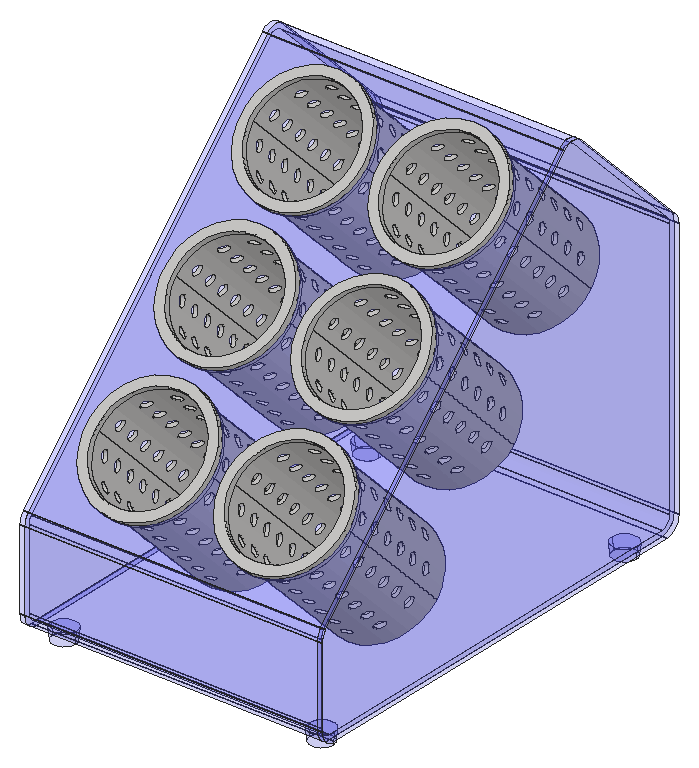
Revit family "QF_Vollrath_CTFWH-6B", category Specialty Equipment, Revit 2016
Family settings
  Part Type = Normal
  Round Connector Dimension = Use Diameter
  OmniClass Number = 23.40.40.14.24
  OmniClass Title = Food Dispensing Equipment
  Work Plane-Based = Yes
  Always vertical = Yes
  Cut with Voids When Loaded = No
  Shared = No
  Room Calculation Point = No
Parameters
  Width = 10.09"
  Weight in Pounds = 0
  Watermarked By = ""
  URL Cutsheet = ""
  URL = "www.vollrath.com"
  Specification by User [instance] = ""
  Specification by Manufacturer [instance] = ""
  Serial Number [instance] = ""
  Revision Code [instance] = ""
  NAFEM Spec ID Number [instance] = ""
  Model = "CTFWH-6B"
  Material = QF_Glass-Cast-Clear
  Masterspec [instance] = ""
  Manufacturer = "Vollrath"
  Item Number [instance] = "-"
  Installed By [instance] = ""
  Height = 14.01"
  Furnished By [instance] = ""
  Foodservice Equipment Identifier = yes
  Description = "Flatware Holder"
  Depth = 14.87"
  Default Elevation = 48.00"
  CSI MasterFormat = ""
Reference planes (in)
  plane 1 "BACK": y = 0
  plane 2 "BOTTOM": z = 0
  plane 3 "LEFT": x = -16.56573
  plane 4 "RIGHT": x = -6.47573
  plane 5 "FRONT": y = -14.87
  plane 6 "Top of Legs": z = 0.4
  plane 7 "Inner Left": x = -16.39573
  plane 8 "Inner Right": x = -6.64573
  plane 9 "TOP": z = 14.01
  plane 10 "Center Back Legs": y = -1.33
  plane 11 "Center Front Legs": y = -14.12
  plane 12 "Center Left Legs": x = -15.81573
  plane 13 "Center Right Legs": x = -7.22573
  plane 14: y = -13.97
  plane 15: x = -13.79573
  plane 16: x = -9.24573
  plane 17: y = -2.974
  plane 18: y = -5.948
  plane 19: y = -8.922
  plane 20: y = -11.896
Forms (in)
  Blend 1, solid, material "QF_Glass-Cast-Clear" <- "Material"
    base sketch origin (0, 0.15, 0) x (1, 0, 0) y (0, 1, 0)
      loop
        circle (-15.81573, -14.12) r 0.39
    top sketch origin (0, 0.15, 0) x (1, 0, 0) y (0, 1, 0)
      loop
        circle (-15.81573, -14.12) r 0.425
    from 0 to 0.4
  Blend 2, solid, material "QF_Glass-Cast-Clear" <- "Material"
    base sketch origin (0, 0.15, 0) x (1, 0, 0) y (0, 1, 0)
      loop
        circle (-7.22573, -14.12) r 0.39
    top sketch origin (0, 0.15, 0) x (1, 0, 0) y (0, 1, 0)
      loop
        circle (-7.22573, -14.12) r 0.425
    from 0 to 0.4
  Blend 3, solid, material "QF_Glass-Cast-Clear" <- "Material"
    base sketch origin (0, 0, 0) x (1, 0, 0) y (0, 1, 0)
      loop
        circle (-15.81573, -1.33) r 0.39
    top sketch origin (0, 0, 0) x (1, 0, 0) y (0, 1, 0)
      loop
        circle (-15.81573, -1.33) r 0.425
    from 0 to 0.4
  Blend 4, solid, material "QF_Glass-Cast-Clear" <- "Material"
    base sketch origin (0, 0, 0) x (1, 0, 0) y (0, 1, 0)
      loop
        circle (-7.22573, -1.33) r 0.39
    top sketch origin (0, 0, 0) x (1, 0, 0) y (0, 1, 0)
      loop
        circle (-7.22573, -1.33) r 0.425
    from 0 to 0.4
  Extrusion 5, solid, material "QF_Glass-Cast-Clear" <- "Material"
    sketch origin (-16.56573, 0, 0) x (0, 1, 0) y (0, 0, 1)
      loop
        arc (-0.5, 0.4) -> (-0.14645, 0.54645) -> (0, 0.9) r 0.5
        line (0, 0.9) -> (0, 9.59)
        arc (0, 9.59) -> (-0.03806, 9.78134) -> (-0.14645, 9.94355) r 0.5
        line (-0.14645, 9.94355) -> (-4.06645, 13.86355)
        arc (-4.06645, 13.86355) -> (-4.42, 14.01) -> (-4.77355, 13.86355) r 0.5
        line (-4.77355, 13.86355) -> (-14.72355, 3.91235)
        arc (-14.72355, 3.91235) -> (-14.83194, 3.75014) -> (-14.87, 3.5588) r 0.5
        line (-14.87, 3.5588) -> (-14.87, 0.9)
        arc (-14.87, 0.9) -> (-14.72355, 0.54645) -> (-14.37, 0.4) r 0.5
        line (-14.37, 0.4) -> (-0.5, 0.4)
    from 0 to 0.17
  Extrusion 6, solid, material "QF_Glass-Cast-Clear" <- "Material"
    sketch origin (-6.47573, 0, 0) x (0, 1, 0) y (0, 0, 1)
      loop
        line (-4.77355, 13.86355) -> (-14.72355, 3.91235)
        arc (-14.72355, 3.91235) -> (-14.83194, 3.75014) -> (-14.87, 3.5588) r 0.5
        line (-14.87, 3.5588) -> (-14.87, 0.9)
        arc (-14.87, 0.9) -> (-14.72355, 0.54645) -> (-14.37, 0.4) r 0.5
        line (-14.37, 0.4) -> (-0.5, 0.4)
        arc (-0.5, 0.4) -> (-0.14645, 0.54645) -> (0, 0.9) r 0.5
        line (0, 0.9) -> (0, 9.59)
        arc (0, 9.59) -> (-0.03806, 9.78134) -> (-0.14645, 9.94355) r 0.5
        line (-0.14645, 9.94355) -> (-4.06645, 13.86355)
        arc (-4.06645, 13.86355) -> (-4.42, 14.01) -> (-4.77355, 13.86355) r 0.5
    from 0 to -0.17
  Extrusion 7, solid, material "QF_Glass-Cast-Clear" <- "Material"
    sketch origin (-16.39573, 0, 0) x (0, 1, 0) y (0, 0, 1)
      loop
        line (-0.14645, 9.94355) -> (-4.06645, 13.86355)
        arc (-4.06645, 13.86355) -> (-4.42, 14.01) -> (-4.77355, 13.86355) r 0.5
        line (-4.77355, 13.86355) -> (-14.72355, 3.91235)
        arc (-14.72355, 3.91235) -> (-14.83194, 3.75014) -> (-14.87, 3.5588) r 0.5
        line (-14.87, 3.5588) -> (-14.87, 0.9)
        arc (-14.87, 0.9) -> (-14.72355, 0.54645) -> (-14.37, 0.4) r 0.5
        line (-14.37, 0.4) -> (-0.5, 0.4)
        arc (-0.5, 0.4) -> (-0.14645, 0.54645) -> (0, 0.9) r 0.5
        line (0, 0.9) -> (0, 9.59)
        arc (0, 9.59) -> (-0.03806, 9.78134) -> (-0.14645, 9.94355) r 0.5
      loop
        arc (-14.60335, 3.79215) -> (-14.67488, 3.68509) -> (-14.7, 3.5588) r 0.33
        line (-14.7, 3.5588) -> (-14.7, 0.9)
        arc (-14.7, 0.9) -> (-14.60335, 0.66665) -> (-14.37, 0.57) r 0.33
        line (-14.37, 0.57) -> (-0.5, 0.57)
        arc (-0.5, 0.57) -> (-0.26665, 0.66665) -> (-0.17, 0.9) r 0.33
        line (-0.17, 0.9) -> (-0.17, 9.59)
        arc (-0.17, 9.59) -> (-0.19512, 9.71629) -> (-0.26665, 9.82335) r 0.33
        line (-0.26665, 9.82335) -> (-4.18665, 13.74335)
        arc (-4.18665, 13.74335) -> (-4.42, 13.84) -> (-4.65335, 13.74335) r 0.33
        line (-4.65335, 13.74335) -> (-14.60335, 3.79215)
    from 0 to 9.75
  Extrusion 8, void
    sketch origin (-6.47573, -4.77355, 13.86355) x (0, 0.707064, 0.707149) y (1, 0, 0)
      loop
        circle (-11.37792, -7.3602) r 2.0625
      loop
        circle (-11.37792, -2.8102) r 2.0625
      loop
        circle (-6.82269, -7.3602) r 2.0625
      loop
        circle (-6.82269, -2.8102) r 2.0625
      loop
        circle (-2.26747, -7.3602) r 2.0625
      loop
        circle (-2.26747, -2.8102) r 2.0625
    from 0 to 0.25
Cuts and joins
  Extrusion 8 cuts Blend 3
  Extrusion 8 cuts Blend 4
  Extrusion 8 cuts Extrusion 7
Lines and regions (in)
  symbolic lines
    curve 1: line (-16.56573, 0, 0) -> (-6.47573, 0, 0)
    curve 2: line (-16.56573, -14.87, 0) -> (-16.56573, 0, 0)
    curve 3: line (-6.47573, -14.87, 0) -> (-16.56573, -14.87, 0)
    curve 4: line (-6.47573, 0, 0) -> (-6.47573, -14.87, 0)
  symbolic lines, style "QF_Details_Surface"
    curve 5: spline (-13.83592, -14.27679, 0) -> (-14.36974, -14.2271, 0) -> (-14.86717, -14.08142, 0) -> (-15.29433, -13.84966, 0) -> (-15.6221, -13.54763, 0) -> (-15.82814, -13.19591, 0) -> (-15.89842, -12.81847, 0) -> (-15.82814, -12.44103, 0) -> (-15.6221, -12.08931, 0) -> (-15.29433, -11.78729, 0) -> (-14.86717, -11.55553, 0) -> (-14.36974, -11.40984, 0) -> (-13.83592, -11.36015, 0)
    curve 6: spline (-13.83592, -11.36015, 0) -> (-13.30211, -11.40984, 0) -> (-12.80467, -11.55553, 0) -> (-12.37752, -11.78729, 0) -> (-12.04975, -12.08931, 0) -> (-11.8437, -12.44103, 0) -> (-11.77342, -12.81847, 0) -> (-11.8437, -13.19591, 0) -> (-12.04975, -13.54763, 0) -> (-12.37752, -13.84966, 0) -> (-12.80467, -14.08142, 0) -> (-13.30211, -14.2271, 0) -> (-13.83592, -14.27679, 0)
    curve 7: spline (-9.28592, -14.27679, 0) -> (-9.81974, -14.2271, 0) -> (-10.31717, -14.08142, 0) -> (-10.74433, -13.84966, 0) -> (-11.0721, -13.54763, 0) -> (-11.27814, -13.19591, 0) -> (-11.34842, -12.81847, 0) -> (-11.27814, -12.44103, 0) -> (-11.0721, -12.08931, 0) -> (-10.74433, -11.78729, 0) -> (-10.31717, -11.55553, 0) -> (-9.81974, -11.40984, 0) -> (-9.28592, -11.36015, 0)
    curve 8: spline (-9.28592, -11.36015, 0) -> (-8.75211, -11.40984, 0) -> (-8.25467, -11.55553, 0) -> (-7.82752, -11.78729, 0) -> (-7.49975, -12.08931, 0) -> (-7.2937, -12.44103, 0) -> (-7.22342, -12.81847, 0) -> (-7.2937, -13.19591, 0) -> (-7.49975, -13.54763, 0) -> (-7.82752, -13.84966, 0) -> (-8.25467, -14.08142, 0) -> (-8.75211, -14.2271, 0) -> (-9.28592, -14.27679, 0)
    curve 9: spline (-13.83592, -11.05596, 0) -> (-14.36974, -11.00626, 0) -> (-14.86717, -10.86058, 0) -> (-15.29433, -10.62882, 0) -> (-15.6221, -10.3268, 0) -> (-15.82814, -9.97508, 0) -> (-15.89842, -9.59764, 0) -> (-15.82814, -9.22019, 0) -> (-15.6221, -8.86848, 0) -> (-15.29433, -8.56645, 0) -> (-14.86717, -8.33469, 0) -> (-14.36974, -8.18901, 0) -> (-13.83592, -8.13932, 0)
    curve 10: spline (-13.83592, -8.13932, 0) -> (-13.30211, -8.18901, 0) -> (-12.80467, -8.33469, 0) -> (-12.37752, -8.56645, 0) -> (-12.04975, -8.86848, 0) -> (-11.8437, -9.22019, 0) -> (-11.77342, -9.59764, 0) -> (-11.8437, -9.97508, 0) -> (-12.04975, -10.3268, 0) -> (-12.37752, -10.62882, 0) -> (-12.80467, -10.86058, 0) -> (-13.30211, -11.00626, 0) -> (-13.83592, -11.05596, 0)
    curve 11: spline (-9.28592, -11.05596, 0) -> (-9.81974, -11.00626, 0) -> (-10.31717, -10.86058, 0) -> (-10.74433, -10.62882, 0) -> (-11.0721, -10.3268, 0) -> (-11.27814, -9.97508, 0) -> (-11.34842, -9.59764, 0) -> (-11.27814, -9.22019, 0) -> (-11.0721, -8.86848, 0) -> (-10.74433, -8.56645, 0) -> (-10.31717, -8.33469, 0) -> (-9.81974, -8.18901, 0) -> (-9.28592, -8.13932, 0)
    curve 12: spline (-9.28592, -8.13932, 0) -> (-8.75211, -8.18901, 0) -> (-8.25467, -8.33469, 0) -> (-7.82752, -8.56645, 0) -> (-7.49975, -8.86848, 0) -> (-7.2937, -9.22019, 0) -> (-7.22342, -9.59764, 0) -> (-7.2937, -9.97508, 0) -> (-7.49975, -10.3268, 0) -> (-7.82752, -10.62882, 0) -> (-8.25467, -10.86058, 0) -> (-8.75211, -11.00626, 0) -> (-9.28592, -11.05596, 0)
    curve 13: spline (-13.83592, -7.83512, 0) -> (-14.36974, -7.78543, 0) -> (-14.86717, -7.63974, 0) -> (-15.29433, -7.40799, 0) -> (-15.6221, -7.10596, 0) -> (-15.82814, -6.75424, 0) -> (-15.89842, -6.3768, 0) -> (-15.82814, -5.99936, 0) -> (-15.6221, -5.64764, 0) -> (-15.29433, -5.34561, 0) -> (-14.86717, -5.11386, 0) -> (-14.36974, -4.96817, 0) -> (-13.83592, -4.91848, 0)
    curve 14: spline (-13.83592, -4.91848, 0) -> (-13.30211, -4.96817, 0) -> (-12.80467, -5.11386, 0) -> (-12.37752, -5.34561, 0) -> (-12.04975, -5.64764, 0) -> (-11.8437, -5.99936, 0) -> (-11.77342, -6.3768, 0) -> (-11.8437, -6.75424, 0) -> (-12.04975, -7.10596, 0) -> (-12.37752, -7.40799, 0) -> (-12.80467, -7.63974, 0) -> (-13.30211, -7.78543, 0) -> (-13.83592, -7.83512, 0)
    curve 15: spline (-9.28592, -7.83512, 0) -> (-9.81974, -7.78543, 0) -> (-10.31717, -7.63974, 0) -> (-10.74433, -7.40799, 0) -> (-11.0721, -7.10596, 0) -> (-11.27814, -6.75424, 0) -> (-11.34842, -6.3768, 0) -> (-11.27814, -5.99936, 0) -> (-11.0721, -5.64764, 0) -> (-10.74433, -5.34561, 0) -> (-10.31717, -5.11386, 0) -> (-9.81974, -4.96817, 0) -> (-9.28592, -4.91848, 0)
    curve 16: spline (-9.28592, -4.91848, 0) -> (-8.75211, -4.96817, 0) -> (-8.25467, -5.11386, 0) -> (-7.82752, -5.34561, 0) -> (-7.49975, -5.64764, 0) -> (-7.2937, -5.99936, 0) -> (-7.22342, -6.3768, 0) -> (-7.2937, -6.75424, 0) -> (-7.49975, -7.10596, 0) -> (-7.82752, -7.40799, 0) -> (-8.25467, -7.63974, 0) -> (-8.75211, -7.78543, 0) -> (-9.28592, -7.83512, 0)
Dimensions and locks (in)
  "Width": plane 3 "LEFT" to plane 4 "RIGHT"
  "Depth": plane 5 "FRONT" to plane 1 "BACK"
  plane 6 "Top of Legs" to level = 0.40"
  "Height": plane 9 "TOP" to level
  locked: plane 3 "LEFT" to plane 7 "Inner Left" at 0.17
  locked: plane 8 "Inner Right" to plane 4 "RIGHT" at 0.17
  locked: plane 10 "Center Back Legs" to plane 1 "BACK" at 1.33
  locked: plane 11 "Center Front Legs" to plane 5 "FRONT" at 0.75
  locked: plane 3 "LEFT" to plane 12 "Center Left Legs" at 0.75
  locked: plane 13 "Center Right Legs" to plane 4 "RIGHT" at 0.75
  locked: plane 14 to plane 5 "FRONT" at 0.9
  plane 3 "LEFT" to plane 15 = 2.77"
  plane 16 to plane 4 "RIGHT" = 2.77"
  equal spacing: plane 1 "BACK", plane 17, plane 18, plane 19, plane 20, plane 5 "FRONT"
  aligned and locked: level to plane 2 "BOTTOM"
  aligned and locked: plane 6 "Top of Legs" to Blend 1
  aligned and locked: plane 6 "Top of Legs" to Blend 2
  aligned and locked: plane 6 "Top of Legs" to Blend 3
  aligned and locked: plane 6 "Top of Legs" to Blend 4
  aligned and locked: plane 7 "Inner Left" to Extrusion 5
  aligned and locked: plane 1 "BACK" to Extrusion 5 sketch curve
  aligned and locked: Extrusion 5 sketch curve to plane 6 "Top of Legs"
  aligned and locked: Extrusion 5 sketch curve to plane 5 "FRONT"
  aligned and locked: Extrusion 6 sketch curve to plane 1 "BACK"
  aligned and locked: Extrusion 6 sketch curve to plane 6 "Top of Legs"
  aligned and locked: Extrusion 6 sketch curve to plane 5 "FRONT"
  aligned and locked: Extrusion 6 to plane 8 "Inner Right"
  aligned and locked: plane 8 "Inner Right" to Extrusion 7
Automatic sketch dimensions
  plane 11 "Center Front Legs" to Blend 1 sketch curve = 0.15"  (x2)
  Blend 1 sketch curve to plane 12 "Center Left Legs" = 0.00"  (x2)
  plane 11 "Center Front Legs" to Blend 2 sketch curve = 0.15"  (x2)
  Blend 2 sketch curve to plane 13 "Center Right Legs" = 0.00"  (x2)
  plane 10 "Center Back Legs" to Blend 3 sketch curve = 0.00"  (x2)
  Blend 3 sketch curve to plane 12 "Center Left Legs" = 0.00"  (x2)
  plane 10 "Center Back Legs" to Blend 4 sketch curve = 0.00"  (x2)
  Blend 4 sketch curve to plane 13 "Center Right Legs" = 0.00"  (x2)
  plane 5 "FRONT" to Extrusion 5 sketch curve = 0.14645"
  Extrusion 5 sketch curve to plane 11 "Center Front Legs" = 0.25"  (x2)
  Extrusion 5 sketch curve to plane 9 "TOP" = 0.14645"  (x2)
  plane 10 "Center Back Legs" to Extrusion 5 sketch curve = 3.44355"
  Extrusion 5 sketch curve to Extrusion 5 sketch curve = 0.35355"  (x2)
  Extrusion 5 sketch curve to Extrusion 5 sketch curve = 0.50"  (x2)
  plane 1 "BACK" to Extrusion 5 sketch curve = 0.14645"
  Extrusion 5 sketch curve to Extrusion 5 sketch curve = 2.6588"
  Extrusion 5 sketch curve to plane 9 "TOP" = 4.42"
  plane 5 "FRONT" to Extrusion 6 sketch curve = 0.14645"
  Extrusion 6 sketch curve to plane 11 "Center Front Legs" = 0.25"
  plane 6 "Top of Legs" to Extrusion 6 sketch curve = 3.1588"
  Extrusion 6 sketch curve to plane 9 "TOP" = 0.14645"  (x2)
  plane 10 "Center Back Legs" to Extrusion 6 sketch curve = 3.44355"
  plane 6 "Top of Legs" to Extrusion 6 sketch curve = 0.50"
  plane 1 "BACK" to Extrusion 6 sketch curve = 0.50"  (x2)
  Extrusion 6 sketch curve to plane 9 "TOP" = 4.42"
  plane 1 "BACK" to Extrusion 6 sketch curve = 0.14645"
  Extrusion 6 sketch curve to Extrusion 6 sketch curve = 0.70711"
  Extrusion 6 sketch curve to Extrusion 6 sketch curve = 0.35355"
  Extrusion 7 sketch curve to plane 9 "TOP" = 0.50"
  plane 10 "Center Back Legs" to Extrusion 7 sketch curve = 3.09"
  Extrusion 7 sketch curve to plane 9 "TOP" = 0.14645"  (x2)
  Extrusion 7 sketch curve to Extrusion 7 sketch curve = 0.35355"  (x2)
  plane 1 "BACK" to Extrusion 7 sketch curve = 0.14645"
  Extrusion 7 sketch curve to plane 9 "TOP" = 4.06645"
  plane 5 "FRONT" to Extrusion 7 sketch curve = 0.14645"
  plane 6 "Top of Legs" to Extrusion 7 sketch curve = 3.51235"
  Extrusion 7 sketch curve to plane 1 "BACK" = 0.00"
  plane 1 "BACK" to Extrusion 7 sketch curve = 0.50"
  plane 6 "Top of Legs" to Extrusion 7 sketch curve = 0.50"
  Extrusion 7 sketch curve to plane 6 "Top of Legs" = 0.00"
  Extrusion 7 sketch curve to plane 11 "Center Front Legs" = 0.25"
  Extrusion 7 sketch curve to plane 5 "FRONT" = 0.00"
  Extrusion 7 sketch curve to Extrusion 7 sketch curve = 0.00"  (x10)
  Extrusion 7 sketch curve to Extrusion 7 sketch curve = 0.12021"  (x6)
  curve 3 to plane 3 "LEFT" = 0.00"
  curve 3 to plane 4 "RIGHT" = 0.00"
  curve 3 to plane 5 "FRONT" = 0.00"
  plane 1 "BACK" to curve 2 = 0.00"
  Extrusion 8 sketch curve to Extrusion 6 = 2.69435"  (x2)
  Extrusion 6 to Extrusion 8 sketch curve = 7.1902"
  Extrusion 8 sketch curve to Extrusion 6 = 0.63185"  (x2)
  Extrusion 6 to Extrusion 8 sketch curve = 2.6402"
  Extrusion 8 sketch curve to Extrusion 8 sketch curve = 2.49273"  (x2)
  Extrusion 8 sketch curve to Extrusion 8 sketch curve = 0.00"  (x4)
  Extrusion 8 sketch curve to Extrusion 8 sketch curve = 0.43023"  (x4)
  Extrusion 8 sketch curve to Extrusion 6 = 2.26747"  (x2)
  curve 6 to plane 15 = 0.0402"
  plane 20 to curve 6 = 0.92247"
  plane 15 to curve 6 = 2.0223"
  curve 5 to curve 6 = 0.00"
  curve 5 to plane 11 "Center Front Legs" = 0.15679"
  curve 8 to plane 16 = 0.0402"
  plane 13 "Center Right Legs" to curve 8 = 0.0023"
  curve 7 to curve 8 = 0.00"
  curve 7 to plane 11 "Center Front Legs" = 0.15679"
  plane 20 to curve 8 = 0.92247"
  curve 10 to plane 15 = 0.0402"
  plane 19 to curve 10 = 0.67564"
  plane 15 to curve 10 = 2.0223"
  curve 9 to curve 10 = 0.00"
  curve 5 to curve 9 = 0.3042"
  curve 11 to plane 16 = 0.0402"
  plane 13 "Center Right Legs" to curve 11 = 0.0023"
  curve 12 to curve 11 = 0.00"
  curve 7 to curve 11 = 0.3042"
  plane 19 to curve 12 = 0.67564"
  curve 14 to plane 15 = 0.0402"
  plane 18 to curve 13 = 0.4288"
  plane 15 to curve 13 = 2.0223"
  curve 14 to curve 13 = 0.00"
  curve 9 to curve 13 = 0.3042"
  curve 16 to plane 16 = 0.0402"
  plane 13 "Center Right Legs" to curve 16 = 0.0023"
  curve 15 to curve 16 = 0.00"
  curve 11 to curve 16 = 0.3042"
  plane 18 to curve 16 = 0.4288"
  radius of Blend 1 sketch curve = 0.39"
  radius of Blend 1 sketch curve = 0.425"
  radius of Blend 2 sketch curve = 0.39"
  radius of Blend 2 sketch curve = 0.425"
  radius of Blend 3 sketch curve = 0.39"
  radius of Blend 3 sketch curve = 0.425"
  radius of Blend 4 sketch curve = 0.39"
  radius of Blend 4 sketch curve = 0.425"
Nested families (in)
  nested 1: "QF_Vollrath_Flatware Cylinder-1" at (-13.83592, -18.08983, 0.54567) x (0, -0.7071, -0.7071) z (0, -0.7071, 0.7071), type "QF_Vollrath_Flatware Cylinder-1"
    with Outer Lid Radius 2.0625", Material QF_Stainless-Polished, Lower Outer Radius 1.875", Inner Radius 1.75"
  nested 2: "QF_Vollrath_Flatware Cylinder-1" at (-13.83592, -21.31067, -2.67555) x (0, -0.7071, -0.7071) z (0, -0.7071, 0.7071), type "QF_Vollrath_Flatware Cylinder-1"
    with Outer Lid Radius 2.0625", Material QF_Stainless-Polished, Lower Outer Radius 1.875", Inner Radius 1.75"
  nested 3: "QF_Vollrath_Flatware Cylinder-1" at (-13.83592, -24.5315, -5.89678) x (0, -0.7071, -0.7071) z (0, -0.7071, 0.7071), type "QF_Vollrath_Flatware Cylinder-1"
    with Outer Lid Radius 2.0625", Material QF_Stainless-Polished, Lower Outer Radius 1.875", Inner Radius 1.75"
  nested 4: "QF_Vollrath_Flatware Cylinder-1" at (-9.28592, -18.08983, 0.54567) x (0, -0.7071, -0.7071) z (0, -0.7071, 0.7071), type "QF_Vollrath_Flatware Cylinder-1"
    with Outer Lid Radius 2.0625", Material QF_Stainless-Polished, Lower Outer Radius 1.875", Inner Radius 1.75"
  nested 5: "QF_Vollrath_Flatware Cylinder-1" at (-9.28592, -21.31067, -2.67555) x (0, -0.7071, -0.7071) z (0, -0.7071, 0.7071), type "QF_Vollrath_Flatware Cylinder-1"
    with Outer Lid Radius 2.0625", Material QF_Stainless-Polished, Lower Outer Radius 1.875", Inner Radius 1.75"
  nested 6: "QF_Vollrath_Flatware Cylinder-1" at (-9.28592, -24.5315, -5.89678) x (0, -0.7071, -0.7071) z (0, -0.7071, 0.7071), type "QF_Vollrath_Flatware Cylinder-1"
    with Outer Lid Radius 2.0625", Material QF_Stainless-Polished, Lower Outer Radius 1.875", Inner Radius 1.75"
Definition of nested family "QF_Vollrath_Flatware Cylinder-1"
  Parameters
    Watermarked By = ""
    Outer Lid Radius [instance] = Inner Radius + 0.3125"  # 2.1875"
    Material [instance] = none
    Lower Outer Radius [instance] = Inner Radius + 0.125"  # 2.00"
    Inner Radius [instance] = 1.875"
    Default Elevation = 48.00"
  Reference planes (in)
    plane 1 "BACK": y = 0
    plane 2: z = 0
    plane 3 "LEFT": x = -16.56573
    plane 4 "TOP": z = 0.1875
    plane 5 "BOTTOM": z = -5.4504
  Forms (in)
    Extrusion 1, solid, material <- "Material"
      sketch origin (0, 0, 0) x (1, 0, 0) y (0, 1, 0)
        loop
          circle (-16.56573, 0) r 2.1875
        loop
          circle (-16.56573, 0) r 1.875
      from 0 to 0.1875
    Extrusion 2, solid, material <- "Material"
      sketch origin (0, 0, -5.4504) x (0, 1, 0) y (-1, 0, 0)
        loop
          circle (0, 16.56573) r 1.875
        loop
          circle (0, 16.56573) r 2
      from 0 to 5.4504
    Extrusion 3, solid, material <- "Material"
      sketch origin (0, 0, -5.4504) x (0, 1, 0) y (-1, 0, 0)
        loop
          circle (0, 16.56573) r 1.875
      from 0 to 0.125
    Extrusion 4, void
      sketch origin (-0.56446, -4.28753, 0) x (0.965926, -0.258819, 0) y (0, 0, 1)
        loop
          circle (-16.56573, -0.6875) r 0.1875
        loop
          circle (-16.56573, -1.4375) r 0.1875
        loop
          circle (-16.56573, -2.1875) r 0.1875
        loop
          circle (-16.56573, -2.9375) r 0.1875
        loop
          circle (-16.56573, -3.6875) r 0.1875
        loop
          circle (-16.56573, -4.4375) r 0.1875
      from -12 to 12
    Extrusion 5, void
      sketch origin (-4.85199, -11.71374, 0) x (0.707107, -0.707107, 0) y (0, 0, 1)
        loop
          circle (-16.56573, -0.6875) r 0.1875
        loop
          circle (-16.56573, -1.4375) r 0.1875
        loop
          circle (-16.56573, -2.1875) r 0.1875
        loop
          circle (-16.56573, -2.9375) r 0.1875
        loop
          circle (-16.56573, -3.6875) r 0.1875
        loop
          circle (-16.56573, -4.4375) r 0.1875
      from -12 to 12
    Extrusion 6, void
      sketch origin (-12.2782, -16.00126, 0) x (0.258819, -0.965926, 0) y (0, 0, 1)
        loop
          circle (-16.56573, -0.6875) r 0.1875
        loop
          circle (-16.56573, -1.4375) r 0.1875
        loop
          circle (-16.56573, -2.1875) r 0.1875
        loop
          circle (-16.56573, -2.9375) r 0.1875
        loop
          circle (-16.56573, -3.6875) r 0.1875
        loop
          circle (-16.56573, -4.4375) r 0.1875
      from -12 to 12
    Extrusion 7, void
      sketch origin (-20.85325, -16.00126, 0) x (-0.258819, -0.965926, 0) y (0, 0, 1)
        loop
          circle (-16.56573, -0.6875) r 0.1875
        loop
          circle (-16.56573, -1.4375) r 0.1875
        loop
          circle (-16.56573, -2.1875) r 0.1875
        loop
          circle (-16.56573, -2.9375) r 0.1875
        loop
          circle (-16.56573, -3.6875) r 0.1875
        loop
          circle (-16.56573, -4.4375) r 0.1875
      from -12 to 12
    Extrusion 8, void
      sketch origin (-28.27946, -11.71374, 0) x (-0.707107, -0.707107, 0) y (0, 0, 1)
        loop
          circle (-16.56573, -0.6875) r 0.1875
        loop
          circle (-16.56573, -1.4375) r 0.1875
        loop
          circle (-16.56573, -2.1875) r 0.1875
        loop
          circle (-16.56573, -2.9375) r 0.1875
        loop
          circle (-16.56573, -3.6875) r 0.1875
        loop
          circle (-16.56573, -4.4375) r 0.1875
      from -12 to 12
    Extrusion 9, void
      sketch origin (-32.56699, -4.28753, 0) x (-0.965926, -0.258819, 0) y (0, 0, 1)
        loop
          circle (-16.56573, -0.6875) r 0.1875
        loop
          circle (-16.56573, -1.4375) r 0.1875
        loop
          circle (-16.56573, -2.1875) r 0.1875
        loop
          circle (-16.56573, -2.9375) r 0.1875
        loop
          circle (-16.56573, -3.6875) r 0.1875
        loop
          circle (-16.56573, -4.4375) r 0.1875
      from -12 to 12
  Cuts and joins
    Extrusion 4, Extrusion 5, Extrusion 6, Extrusion 7, Extrusion 8, Extrusion 9 cuts Extrusion 1
    Extrusion 4, Extrusion 5, Extrusion 6, Extrusion 7, Extrusion 8, Extrusion 9 cuts Extrusion 2
    joined: Extrusion 1, Extrusion 2
  Lines and regions (in)
    symbolic lines
      curve 1: arc (-14.37823, 0, -5.4504) -> (-16.56573, 2.1875, -5.4504) -> (-18.75323, 0, -5.4504) r 2.1875
      curve 2: arc (-18.75323, 0, -5.4504) -> (-16.56573, -2.1875, -5.4504) -> (-14.37823, 0, -5.4504) r 2.1875
      curve 3: arc (-14.69073, 0, -5.4504) -> (-16.56573, -1.875, -5.4504) -> (-18.44073, 0, -5.4504) r 1.875
      curve 4: arc (-18.44073, 0, -5.4504) -> (-16.56573, 1.875, -5.4504) -> (-14.69073, 0, -5.4504) r 1.875
  Dimensions and locks (in)
    locked: plane 4 "TOP" to level at 0.1875
    locked: level to plane 5 "BOTTOM" at 5.4504
    "Outer Lid Radius": radius of Extrusion 1 sketch curve
    "Inner Radius": radius of Extrusion 1 sketch curve
    "Inner Radius": radius of Extrusion 2 sketch curve
    "Lower Outer Radius": radius of Extrusion 2 sketch curve
    "Inner Radius": radius of Extrusion 3 sketch curve
    aligned and locked: level to plane 2
    aligned and locked: plane 4 "TOP" to Extrusion 1
    aligned and locked: level to Extrusion 2
    aligned and locked: curve 1 to cut or joined group 1 (Extrusion 1, Extrusion 2, Extrusion 4, Extrusion 5, Extrusion 6, Extrusion 7, Extrusion 8, Extrusion 9)
    aligned and locked: curve 2 to cut or joined group 1
    aligned and locked: curve 3 to cut or joined group 1
    aligned and locked: curve 4 to cut or joined group 1
  Automatic sketch dimensions
    Extrusion 4 sketch curve to level = 1.4375"
    Extrusion 4 sketch curve to Extrusion 4 sketch curve = 0.00"  (x5)
    Extrusion 4 sketch curve to Extrusion 4 sketch curve = 0.75"  (x4)
    Extrusion 4 sketch curve to level = 0.6875"
    Extrusion 5 sketch curve to level = 1.4375"
    Extrusion 5 sketch curve to Extrusion 5 sketch curve = 0.00"  (x5)
    Extrusion 5 sketch curve to Extrusion 5 sketch curve = 0.75"  (x4)
    Extrusion 5 sketch curve to level = 0.6875"
    Extrusion 6 sketch curve to level = 1.4375"
    Extrusion 6 sketch curve to Extrusion 6 sketch curve = 0.00"  (x5)
    Extrusion 6 sketch curve to Extrusion 6 sketch curve = 0.75"  (x4)
    Extrusion 6 sketch curve to level = 0.6875"
    Extrusion 7 sketch curve to level = 1.4375"
    Extrusion 7 sketch curve to Extrusion 7 sketch curve = 0.00"  (x5)
    Extrusion 7 sketch curve to Extrusion 7 sketch curve = 0.75"  (x4)
    Extrusion 7 sketch curve to level = 0.6875"
    Extrusion 8 sketch curve to level = 1.4375"
    Extrusion 8 sketch curve to Extrusion 8 sketch curve = 0.00"  (x5)
    Extrusion 8 sketch curve to Extrusion 8 sketch curve = 0.75"  (x4)
    Extrusion 8 sketch curve to level = 0.6875"
    Extrusion 9 sketch curve to level = 1.4375"
    Extrusion 9 sketch curve to Extrusion 9 sketch curve = 0.00"  (x5)
    Extrusion 9 sketch curve to Extrusion 9 sketch curve = 0.75"  (x4)
    Extrusion 9 sketch curve to level = 0.6875"
    Extrusion 1 sketch curve to Extrusion 1 sketch curve = 0.00"  (x2)
    plane 1 "BACK" to Extrusion 1 sketch curve = 0.00"
    Extrusion 1 sketch curve to plane 3 "LEFT" = 0.00"
    Extrusion 2 sketch curve to Extrusion 2 sketch curve = 0.00"  (x2)
    plane 1 "BACK" to Extrusion 2 sketch curve = 0.00"
    Extrusion 2 sketch curve to plane 3 "LEFT" = 0.00"
    plane 1 "BACK" to Extrusion 3 sketch curve = 0.00"
    Extrusion 3 sketch curve to plane 3 "LEFT" = 0.00"
    radius of Extrusion 4 sketch curve = 0.1875"  (x6)
    radius of Extrusion 5 sketch curve = 0.1875"  (x6)
    radius of Extrusion 6 sketch curve = 0.1875"  (x6)
    radius of Extrusion 7 sketch curve = 0.1875"  (x6)
    radius of Extrusion 8 sketch curve = 0.1875"  (x6)
    radius of Extrusion 9 sketch curve = 0.1875"  (x6)
